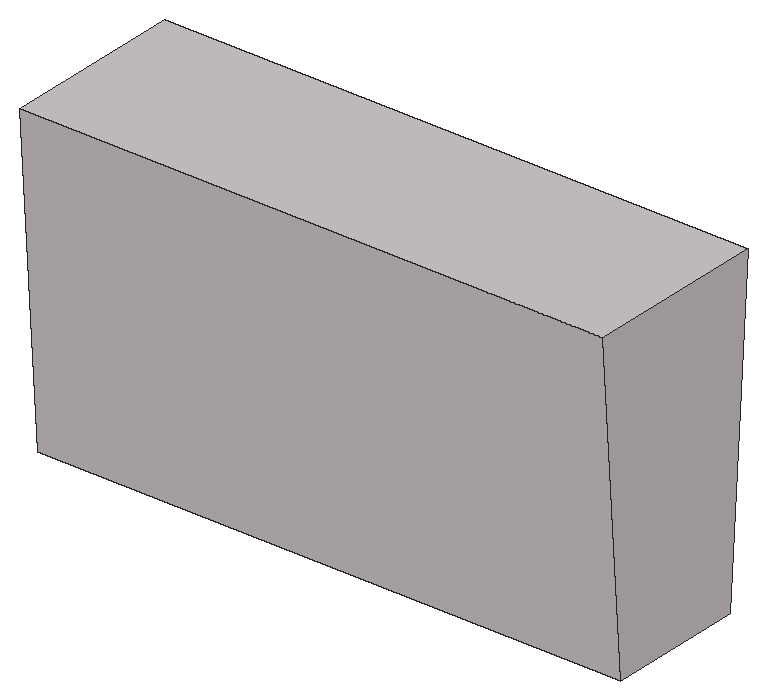
Revit family "13066e9998b8468fa92837f53dfd8526", category Structural Framing, Revit 2021
Family settings
  Display in Hidden Views = Edges Hidden by Other Members
  Structural Framing Length Roundoff = 0' - 0"
  Section Shape = Not Defined
  Material for Model Behavior = Precast Concrete
  Always export as geometry = No
  OmniClass Number = 23.25.30.11.14.14
  OmniClass Title = Beams
  Seek Item ID = Precast-Cone Shaped Beam-0000-USA-ENU
  Always vertical = Yes
  Cut with Voids When Loaded = No
  Symbolic Representation = From Family
  Shared = No
  Show family pre-cut in plan views = Yes
Parameters (values of type "12"-16"x28"")
  Top Width = 1' - 4"
  Tie Rod Weight [instance] = 30
  Tie Rod W [instance] = (Tie Rod Weight) * 2.20313 kip / 1000  # 0.0660938 kip
  Structural Material [instance] = Concrete, Precast
  Single Rebar Weight [instance] = 50
  Single Rebar W [instance] = (Single Rebar Weight * 2.20313 kip) / 1000  # 0.110156 kip
  Rebar Grids Weight [instance] = 100
  Rebar Grids W [instance] = (Rebar Grids Weight * 2.20313 kip) / 1000  # 0.220313 kip
  Depth = 2' - 4"
  Bottom Width = 1' - 0"
  Assembly Code = ""
  Length [instance] = 5' - 0"
Reference planes (in)
  plane 1 "Center (Front/Back)": y = 0
  plane 2: z = 0
  plane 3 "Center (Left/Right)": x = 0
  plane 4 "Member Left": x = -25.74878
  plane 5 "Member Right": x = 25.74878
  plane 6 "Left": x = -29.68579
  plane 7 "Right": x = 30.31421
  plane 8: z = 14
  plane 9: y = -8
  plane 10: y = 8
  plane 11: z = -14
  plane 12: y = 6
  plane 13: y = -6
Forms (in)
  Sweep 1, solid, material "Concrete, Precast" <- "Structural Material"
    path origin (0, 14.72441, 0) x (1, 0, 0) y (0, 1, 0)
      loop
        line (-25.74878, -14.72441) -> (25.74878, -14.72441)
    profile origin (0, 0, 0) x (0, 1, 0) y (0, 0, 1)
      loop
        line (-6, -14) -> (6, -14) -> (8, 14) -> (-8, 14) -> (-6, -14)
Dimensions and locks (in)
  "Length": plane 6 "Left" to plane 7 "Right"
  locked: level to plane 2
  equal spacing: plane 10, plane 1 "Center (Front/Back)", plane 9
  "Top Width": plane 10 to plane 9
  equal spacing: plane 8, plane 2, plane 11
  "Depth": plane 8 to plane 11
  equal spacing: plane 12, plane 1 "Center (Front/Back)", plane 13
  "Bottom Width": plane 12 to plane 13
  aligned and locked: plane 1 "Center (Front/Back)" to Sweep 1 sketch curve
  aligned and locked: Sweep 1 sketch curve to plane 8
  aligned and locked: plane 11 to Sweep 1 sketch curve
  aligned and locked: plane 10 to Sweep 1 sketch curve
  aligned and locked: plane 9 to Sweep 1 sketch curve
  aligned and locked: plane 13 to Sweep 1 sketch curve
  aligned and locked: plane 12 to Sweep 1 sketch curve
  aligned and locked: plane 4 "Member Left" to Sweep 1 sketch curve
  aligned and locked: plane 5 "Member Right" to Sweep 1 sketch curve
